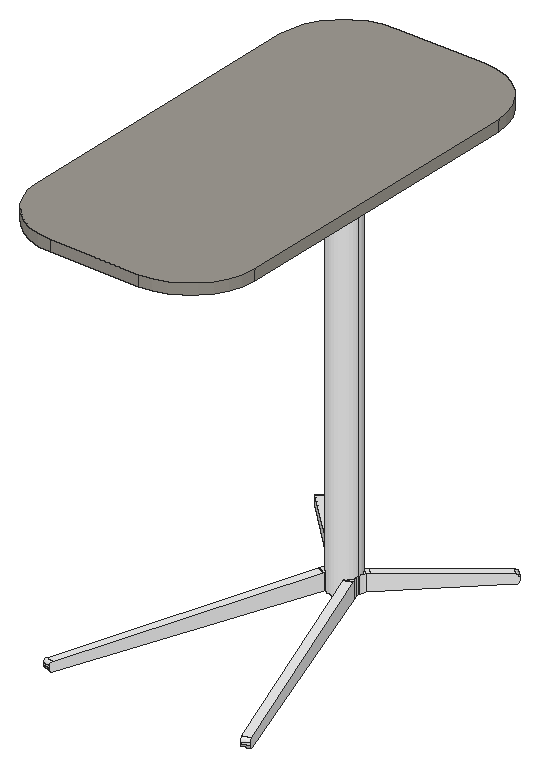
Revit family "Table-Coffee-Teknion-STMTF_Envita-R2014", category Furniture, Revit 2014
Parameters (values of type "19 3/4" High")
  Width = 0' - 10 1/4"  # constant formula
  Warranty = "http://www.teknionstudio.com/pdfs/Teknion%20Studio%20Warranty.pdf"
  Unit Weight = 25.00 lbf  # constant formula
  URL = "http://www.teknionstudio.com/"
  Surface and Edge Trim Finish Note = "Marble and Glass not available if height=26"  # constant formula
  Surface and Edge Trim Finish [instance] = Veneer - Teknion - WQ - White Maple
  Series = "Studio"  # constant formula
  Salvage or Reuse = yes
  Product Page URL = "http://www.teknionstudio.com/envita_tables/#.UkRdPz8QP-o"
  Product Line = "Envita"
  Product Documentation Link = "http://www.teknionstudio.com/pricing/STMTF_ppg.pdf"
  Percentage of Recycled Content = 0
  Part Number = "STMTF"
  Model = "STMTFB"
  Manufacturer Phone = "919-464-2920"
  Manufacturer Fax = "919-464-2927"
  Manufacturer Email = "mailto:customersupport@teknionstudio.com"
  Manufacturer Address = "3940 US 70 Business HWY West, Clayton, NC 27520"
  Manufacturer = "StudioTK"  # constant formula
  Low Emitting Material = yes
  Low Emitting Finish = yes
  Height = 1' - 7 3/4"
  Frame Finish [instance] = Metal - Teknion - C6 - Chrome
  Description = "Envita Offset Task Table, 19 3/4\" (45cm) High"
  Depth = 1' - 7.68"  # constant formula
  Assembly Code = "E2020200"
Types (2): name | Model | Height | Description
  19 3/4" High | "STMTFB" | 1' - 7 3/4" | "Envita Offset Task Table, 19 3/4\" (45cm) High"
  26" High | "STMTFD" | 2' - 2" | "Envita Offset Task Table, 26\" (66cm) High"
Reference planes (in)
  plane 1 "Center F/B": y = 0
  plane 2: z = 0
  plane 3 "Center L/R": x = 0
  plane 4 "Top": z = 19.75
  plane 5: z = 19.25
  plane 6 "Side 1": through (-4.75087, 4.75087, 48) normal (0.7071, 0.7071, 0)
  plane 7 "Side 2": through (4.75087, 4.75087, 48) normal (0.7071, -0.7071, 0)
  plane 8: z = 19.125
  plane 9: through (-4.41447, 4.41447, 48) normal (-0.7071, 0.7071, 0)
  plane 10: through (4.41447, 4.41447, 48) normal (-0.7071, -0.7071, 0)
  plane 11: z = 18.62515
  plane 12: through (-7.6771, 7.14677, 48) normal (0.7071, 0.7071, 0)
  plane 13: through (1.63518, 1.10485, 48) normal (-0.7071, 0.7071, 0)
  plane 14: z = 0.74314
  plane 15: through (-0.78502, 0.25885, 48) normal (-0.7071, 0.7071, 0)
  plane 16: through (0.25885, -0.78502, 48) normal (-0.7071, 0.7071, 0)
  plane 17: through (0.78502, 0.25885, 48) normal (-0.7071, -0.7071, 0)
  plane 18: through (-0.25885, -0.78502, 48) normal (-0.7071, -0.7071, 0)
  plane 19: through (-4.35827, -11.33666, 48) normal (-0.342, -0.9397, 0)
  plane 20: through (-0.44869, -0.59518, 48) normal (-0.342, -0.9397, 0)
  plane 21: through (4.35827, -11.33666, 48) normal (-0.342, 0.9397, 0)
  plane 22: through (0.44869, -0.59518, 48) normal (-0.342, 0.9397, 0)
  plane 23: through (-2.39793, -6.27907, 48) normal (-0.3827, -0.9239, 0)
  plane 24: through (2.39793, -6.27907, 48) normal (-0.3827, 0.9239, 0)
  plane 25 "S4": through (0, 0, 48) normal (0.9239, -0.3827, 0)
  plane 26 "S3": through (0, 0, 48) normal (0.9239, 0.3827, 0)
  plane 27: through (-0.44869, -0.59518, 48) normal (0.9397, -0.342, 0)
  plane 28: through (0.44869, -0.59518, 48) normal (0.9397, 0.342, 0)
  plane 29: y = 4.71712
  plane 30: through (0, 0, 48) normal (-0.3827, -0.9239, 0)
  plane 31: through (0, 0, 48) normal (-0.3827, 0.9239, 0)
  plane 32: y = 0.72618
  plane 33: through (-5.28853, -12.79612, 48) normal (-0.9397, 0.342, 0)
  plane 34: through (4.18904, -9.77529, 48) normal (0.9397, 0.342, 0)
  plane 35: x = -0.1875
  plane 36: x = 0.1875
  plane 37: z = 18.86668
  plane 38: through (0.10467, -0.74266, 48) normal (-0.3827, 0.9239, 0)
  plane 39: through (-0.10467, -0.74266, 48) normal (-0.3827, -0.9239, 0)
  plane 40: through (1.85847, -4.97669, 48) normal (0.9239, 0.3827, 0)
  plane 41: through (2.28497, -5.02645, 48) normal (0.9239, 0.3827, 0)
  plane 42: through (-2.25174, -4.94622, 48) normal (0.9239, -0.3827, 0)
  plane 43: through (-1.90528, -5.08972, 48) normal (0.9239, -0.3827, 0)
  plane 44: y = 5.465
  plane 45: y = -14.215
  plane 46: x = -5.125
  plane 47: x = 5.125
  plane 48: y = 5
  plane 49: y = -7
  plane 50: x = -3.25
  plane 51: x = 3.25
  plane 52: y = -8.25
  plane 53: y = -0.5
  plane 54: x = -3.875
  plane 55: x = 3.875
  plane 56: x = -2.5
  plane 57: y = 4.5
  plane 58: x = 2.5
  plane 59: y = -6.5
Forms (in)
  Extrusion 1, solid, material "Metal - Teknion - C6 - Chrome" <- "Frame Finish"
    sketch origin (0, 0, 0) x (1, 0, 0) y (0, 1, 0)
      loop
        circle (0, 0) r 0.6875
    from 0 to 19.125
  Extrusion 2, solid, material "Metal - Teknion - C6 - Chrome" <- "Frame Finish"
    sketch origin (-1.92144, -1.27122, 18.62515) x (-0.707107, 0.707107, 0) y (-0.707107, -0.707107, 0)
      loop
        circle (-0.45978, -2.25755) r 0.75
    from 0 to 0.49985
  Extrusion 3, solid, material "Metal - Teknion - C6 - Chrome" <- "Frame Finish"
    sketch origin (-7.6771, 7.14677, 48) x (-0.707107, 0.707107, 0) y (0, 0, 1)
      loop
        line (-9.74393, -48) -> (-4.37523, -48)
        arc (-4.37523, -48) -> (-4.28178, -47.95663) -> (-4.23906, -47.86288) r 0.14845
        line (-4.23906, -47.86288) -> (-4.23906, -47.75925)
        arc (-4.23906, -47.75925) -> (-4.28186, -47.65036) -> (-4.38735, -47.59974) r 0.15993
        line (-4.38735, -47.59974) -> (-9.55583, -47.25686) -> (-9.74393, -47.25686) -> (-9.74393, -48)
    from 0 to 0.375
  Extrusion 4, solid, material "Metal - Teknion - C6 - Chrome" <- "Frame Finish"
    sketch origin (4.75087, 4.75087, 48) x (0.707107, 0.707107, 0) y (0, 0, -1)
      loop
        line (-5.98062, 48) -> (-5.98062, 47.25686) -> (-5.79251, 47.25686) -> (-0.62404, 47.59974)
        arc (-0.62404, 47.59974) -> (-0.51855, 47.65036) -> (-0.47575, 47.75925) r 0.15993
        line (-0.47575, 47.75925) -> (-0.47575, 47.86288)
        arc (-0.47575, 47.86288) -> (-0.51847, 47.95663) -> (-0.61192, 48) r 0.14845
        line (-0.61192, 48) -> (-5.98062, 48)
    from 0 to -0.375
  Extrusion 5, solid, material "Metal - Teknion - C6 - Chrome" <- "Frame Finish"
    sketch origin (-0.44869, -0.59518, 48) x (0.34202, 0.939693, 0) y (0, 0, 1)
      loop
        line (0, -48) -> (0, -47.25686) -> (-11.28255, -47.59974)
        arc (-11.28255, -47.59974) -> (-11.38751, -47.64427) -> (-11.43084, -47.74973) r 0.15
        line (-11.43084, -47.74973) -> (-11.43084, -47.86288)
        arc (-11.43084, -47.86288) -> (-11.38778, -47.95629) -> (-11.29468, -48) r 0.15
        line (-11.29468, -48) -> (0, -48)
    from 0 to -0.375
  Extrusion 6, solid, material "Metal - Teknion - C6 - Chrome" <- "Frame Finish"
    sketch origin (0.44869, -0.59518, 48) x (-0.34202, 0.939693, 0) y (0, 0, -1)
      loop
        line (0, 48) -> (-11.29468, 48)
        arc (-11.29468, 48) -> (-11.38778, 47.95629) -> (-11.43084, 47.86288) r 0.15
        line (-11.43084, 47.86288) -> (-11.43084, 47.74973)
        arc (-11.43084, 47.74973) -> (-11.38751, 47.64427) -> (-11.28255, 47.59974) r 0.15
        line (-11.28255, 47.59974) -> (0, 47.25181) -> (0, 48)
    from 0 to -0.375
  Extrusion 7, solid, material "Metal - Teknion - C6 - Chrome" <- "Frame Finish"
    sketch origin (0, 0, 0) x (1, 0, 0) y (0, 1, 0)
      loop
        line (-0.44869, -0.59518) -> (-0.36486, -0.36486)
        arc (-0.36486, -0.36486) -> (-0.32947, 0.09872) -> (-0.52194, 0.52194) r 0.93411
        line (-0.52194, 0.52194) -> (-0.7871, 0.25677)
        arc (-0.7871, 0.25677) -> (-0.69045, 0.02314) -> (-0.71432, -0.22857) r 0.52452
        line (-0.71432, -0.22857) -> (-0.80107, -0.46693) -> (-0.44869, -0.59518)
      loop
        line (0.7871, 0.25677) -> (0.52194, 0.52194)
        arc (0.52194, 0.52194) -> (0.32797, 0.09898) -> (0.36486, -0.36486) r 0.92353
        line (0.36486, -0.36486) -> (0.44869, -0.59518) -> (0.80107, -0.46693) -> (0.70237, -0.19575)
        arc (0.70237, -0.19575) -> (0.69523, 0.03978) -> (0.7871, 0.25677) r 0.55121
    from 0 to 0.74314
  Extrusion 8, solid, material "Metal - Teknion - C6 - Chrome" <- "Frame Finish"
    sketch origin (0.1875, 3.54879, 48) x (0, -1, 0) y (0, 0, 1)
      loop
        line (-1.16832, -28.875) -> (-1.16832, -28.98408)
        arc (-1.16832, -28.98408) -> (-1.12765, -29.08679) -> (-1.02768, -29.13379) r 0.15
        line (-1.02768, -29.13379) -> (2.82261, -29.37802) -> (2.82261, -28.875) -> (-1.16832, -28.875)
    from 0 to 0.375
  Extrusion 9, solid, material "Metal - Teknion - C6 - Chrome" <- "Frame Finish"
    sketch origin (1.85847, -4.97669, 48) x (-0.382683, 0.92388, 0) y (0, 0, 1)
      loop
        line (-1.40968, -28.875) -> (-1.40968, -28.98924)
        arc (-1.40968, -28.98924) -> (-1.36786, -29.09315) -> (-1.26572, -29.13912) r 0.15
        line (-1.26572, -29.13912) -> (4.58288, -29.37485) -> (4.58288, -28.875) -> (-1.40968, -28.875)
    from 0 to 0.375
  Extrusion 10, solid, material "Metal - Teknion - C6 - Chrome" <- "Frame Finish"
    sketch origin (-2.25174, -4.94622, 48) x (0.382683, 0.92388, 0) y (0, 0, 1)
      loop
        line (-1.28734, -28.875) -> (-1.28734, -28.98924)
        arc (-1.28734, -28.98924) -> (-1.24552, -29.09315) -> (-1.14338, -29.13912) r 0.15
        line (-1.14338, -29.13912) -> (4.70523, -29.37485) -> (4.70523, -28.875) -> (-1.28734, -28.875)
    from 0 to 0.375
  Extrusion 11, solid, material "Veneer - Teknion - WQ - White Maple" <- "Surface and Edge Trim Finish"
    sketch origin (-15, -180, 19.25) x (-1, 0, 0) y (0, -1, 0)
      loop
        arc (-12.98261, -185.45263) -> (-10.93016, -184.60578) -> (-10.02208, -182.57969) r 3
        arc (-10.02208, -182.57969) -> (-9.875, -175.625) -> (-10.02208, -168.67031) r 164.5
        arc (-10.02208, -168.67031) -> (-10.93016, -166.64422) -> (-12.98261, -165.79737) r 3
        arc (-12.98261, -165.79737) -> (-15, -165.785) -> (-17.01739, -165.79737) r 164.5
        arc (-17.01739, -165.79737) -> (-19.06984, -166.64422) -> (-19.97792, -168.67031) r 3
        arc (-19.97792, -168.67031) -> (-20.125, -175.625) -> (-19.97792, -182.57969) r 164.5
        arc (-19.97792, -182.57969) -> (-19.06984, -184.60578) -> (-17.01739, -185.45263) r 3
        arc (-17.01739, -185.45263) -> (-15, -185.465) -> (-12.98261, -185.45263) r 164.5
    from 0 to 0.5
  Extrusion 12, solid, material "Metal - Teknion - C6 - Chrome" <- "Frame Finish"
    sketch origin (-15, -180, 19.125) x (-1, 0, 0) y (0, -1, 0)
      loop
        line (-11.75, -184) -> (-11.75, -172.75)
        arc (-11.75, -172.75) -> (-12.04289, -172.04289) -> (-12.75, -171.75) r 1
        line (-12.75, -171.75) -> (-17.25, -171.75)
        arc (-17.25, -171.75) -> (-17.95711, -172.04289) -> (-18.25, -172.75) r 1
        line (-18.25, -172.75) -> (-18.25, -184)
        arc (-18.25, -184) -> (-17.95711, -184.70711) -> (-17.25, -185) r 1
        line (-17.25, -185) -> (-12.75, -185)
        arc (-12.75, -185) -> (-12.04289, -184.70711) -> (-11.75, -184) r 1
    from 0 to 0.125
Cuts and joins
  joined: Extrusion 1, Extrusion 2
Lines and regions (in)
  Masking region 1
    outline origin (0, 0, 19.75) x (-1, 0, 0) y (0, -1, 0)
      loop
        arc (4.97792, 11.32969) -> (4.06984, 13.35578) -> (2.01739, 14.20263) r 3
        arc (2.01739, 14.20263) -> (0, 14.215) -> (-2.01739, 14.20263) r 164.5
        arc (-2.01739, 14.20263) -> (-4.06984, 13.35578) -> (-4.97792, 11.32969) r 3
        arc (-4.97792, 11.32969) -> (-5.125, 4.375) -> (-4.97792, -2.57969) r 164.5
        arc (-4.97792, -2.57969) -> (-4.85139, -3.32381) -> (-4.54313, -4.0128) r 3
        line (-4.54313, -4.0128) -> (-4.67963, -4.1493) -> (-4.41447, -4.41447) -> (-4.32487, -4.32487)
        arc (-4.32487, -4.32487) -> (-3.29792, -5.14816) -> (-2.01739, -5.45263) r 3
        arc (-2.01739, -5.45263) -> (0, -5.465) -> (2.01739, -5.45263) r 164.5
        arc (2.01739, -5.45263) -> (3.29792, -5.14816) -> (4.32487, -4.32487) r 3
        line (4.32487, -4.32487) -> (4.41447, -4.41447) -> (4.67963, -4.1493) -> (4.54313, -4.0128)
        arc (4.54313, -4.0128) -> (4.85139, -3.32381) -> (4.97792, -2.57969) r 3
        arc (4.97792, -2.57969) -> (5.125, 4.375) -> (4.97792, 11.32969) r 164.5
  symbolic lines, style "Hidden Lines", detail levels medium+fine
    curve 1: circle (0, 0, 19.75) r 0.57 normal (0, 0, 1)
    curve 2: circle (0, 0, 19.75) r 0.6875 normal (0, 0, 1)
    curve 5: line (-4.54313, 4.0128, 19.75) -> (-0.7871, 0.25677, 19.75)
    curve 6: line (-4.32487, 4.32487, 19.75) -> (-0.52194, 0.52194, 19.75)
    curve 7: line (4.30961, 4.30961, 19.75) -> (0.52194, 0.52194, 19.75)
    curve 8: line (0.7871, 0.25677, 19.75) -> (4.54313, 4.0128, 19.75)
    curve 9: line (0.79705, -0.45587, 19.75) -> (4.71065, -11.20841, 19.75)
    curve 10: line (0.44295, -0.57941, 19.75) -> (4.35827, -11.33666, 19.75)
    curve 11: line (4.35827, -11.33666, 19.75) -> (4.71065, -11.20841, 19.75)
    curve 12: line (-4.35827, -11.33666, 19.75) -> (-4.71065, -11.20841, 19.75)
    curve 13: line (-4.71065, -11.20841, 19.75) -> (-0.79705, -0.45587, 19.75)
    curve 14: line (-0.44869, -0.59518, 19.75) -> (-4.35827, -11.33666, 19.75)
  symbolic lines, style "Hidden Lines", detail levels fine
    curve 3: line (-3.25, 4, 19.75) -> (-3.25, -6, 19.75)
    curve 4: line (2.25, -7, 19.75) -> (-2.25, -7, 19.75)
    curve 15: line (2.25, 5, 19.75) -> (-2.25, 5, 19.75)
    curve 16: line (3.25, 4, 19.75) -> (3.25, -6, 19.75)
    curve 17: arc (-3.25, 4, 19.75) -> (-2.95711, 4.70711, 19.75) -> (-2.25, 5, 19.75) r 1
    curve 18: arc (2.25, 5, 19.75) -> (2.95711, 4.70711, 19.75) -> (3.25, 4, 19.75) r 1
    curve 19: arc (2.25, -7, 19.75) -> (2.95711, -6.70711, 19.75) -> (3.25, -6, 19.75) r 1
    curve 20: arc (-2.25, -7, 19.75) -> (-2.95711, -6.70711, 19.75) -> (-3.25, -6, 19.75) r 1
Dimensions and locks (in)
  "Height": plane 4 "Top" to level
  locked: plane 4 "Top" to plane 5 at 0.5
  locked: plane 10 to plane 6 "Side 1" at 6.243
  locked: plane 7 "Side 2" to plane 13 at 0.375
  locked: plane 6 "Side 1" to plane 12 at 0.375
  locked: plane 14 to plane 2 at 0.74314
  locked: plane 7 "Side 2" to plane 9 at 6.243
  equal spacing: plane 15, plane 7 "Side 2", plane 16
  locked: plane 15 to plane 16 at 1.47626
  equal spacing: plane 17, plane 6 "Side 1", plane 18
  locked: plane 17 to plane 18 at 1.47626
  locked: plane 19 to plane 20 at 11.43084
  locked: plane 21 to plane 22 at 11.43084
  locked: plane 1 "Center F/B" to plane 29 at 4.71712
  locked: plane 32 to plane 1 "Center F/B" at 0.72618
  locked: plane 27 to plane 33 at 0.375
  locked: plane 28 to plane 34 at 0.375
  equal spacing: plane 35, plane 3 "Center L/R", plane 36
  locked: plane 35 to plane 36 at 0.375
  locked: plane 8 to plane 37 at 0.25832
  locked: plane 38 to plane 31 at 0.72618
  locked: plane 38 to plane 24 at 5.99257
  locked: plane 23 to plane 39 at 5.99257
  locked: plane 30 to plane 39 at 0.72618
  equal spacing: plane 41, plane 26 "S3", plane 40
  locked: plane 41 to plane 40 at 0.375
  equal spacing: plane 43, plane 25 "S4", plane 42
  locked: plane 43 to plane 42 at 0.375
  equal spacing: plane 46, plane 3 "Center L/R", plane 47
  "Width": plane 46 to plane 47
  locked: plane 1 "Center F/B" to plane 44 at 5.465
  "Depth": plane 45 to plane 44
  locked: plane 46 to plane 50 at 1.875
  locked: plane 51 to plane 47 at 1.875
  locked: plane 48 to plane 44 at 0.465
  locked: plane 45 to plane 49 at 7.215
  locked: Extrusion 11 sketch curve to plane 44 at 3.01215  (x2)
  locked: plane 46 to Extrusion 11 sketch curve at 3.1444  (x2)
  locked: Extrusion 11 sketch curve to plane 47 at 3.1444  (x2)
  locked: plane 45 to Extrusion 11 sketch curve at 3.01215  (x2)
  locked: plane 46 to plane 54 at 1.25
  locked: plane 55 to plane 47 at 1.25
  locked: plane 44 to plane 53 at 5.965
  locked: plane 52 to plane 45 at 5.965
  locked: plane 59 to plane 49 at 0.5
  locked: plane 48 to plane 57 at 0.5
  locked: plane 50 to plane 56 at 0.75
  locked: plane 58 to plane 51 at 0.75
  locked: plane 5 to plane 8 at 0.125
  locked: plane 37 to plane 11 at 0.24153
  locked: Extrusion 3 sketch curve to plane 14 at 0.35195
  locked: plane 14 to Extrusion 4 sketch curve at 0.35195
  locked: Extrusion 8 sketch curve to plane 8 at 0.54798
  locked: Extrusion 5 sketch curve to plane 19 at 0.34723
  locked: Extrusion 9 sketch curve to Extrusion 9 sketch curve at 0.25811
  locked: plane 21 to Extrusion 6 sketch curve at 0.3473
  radius of Extrusion 3 sketch curve = 0' - 0.15993"
  radius of Extrusion 3 sketch curve = 0' - 0 19/128"
  radius of Extrusion 4 sketch curve = 0' - 0.15993"
  radius of Extrusion 4 sketch curve = 0' - 0 19/128"
  radius of Extrusion 5 sketch curve = 0' - 0.15"  (x2)
  radius of Extrusion 6 sketch curve = 0' - 0.15"  (x2)
  radius of Extrusion 7 sketch curve = 0' - 0.92353"
  radius of Extrusion 7 sketch curve = 0' - 0.93411"
  radius of Extrusion 7 sketch curve = 0' - 0.52452"
  radius of Extrusion 7 sketch curve = 0' - 0.55121"
  radius of Extrusion 9 sketch curve = 0' - 0.15"
  radius of Extrusion 10 sketch curve = 0' - 0.15"
  locked: plane 3 "Center L/R" to plane 6 "Side 1" (angle 45.00°)
  locked: plane 7 "Side 2" to plane 3 "Center L/R" (angle 45.00°)
  locked: plane 25 "S4" to plane 3 "Center L/R" (angle 22.50°)
  locked: plane 3 "Center L/R" to plane 26 "S3" (angle 22.50°)
  locked: plane 27 to plane 3 "Center L/R" (angle 20.00°)
  locked: plane 3 "Center L/R" to plane 28 (angle 20.00°)
  aligned and locked: level to plane 2
  aligned and locked: plane 8 to Extrusion 1
  aligned and locked: plane 8 to Extrusion 2
  aligned and locked: plane 15 to Extrusion 3 sketch curve
  aligned and locked: Extrusion 3 sketch curve to plane 9
  aligned and locked: plane 14 to Extrusion 3 sketch curve
  aligned and locked: level to Extrusion 3 sketch curve
  aligned and locked: plane 6 "Side 1" to Extrusion 3
  aligned and locked: Extrusion 4 to plane 13
  aligned and locked: Extrusion 5 sketch curve to plane 19
  aligned and locked: Extrusion 5 sketch curve to plane 20
  aligned and locked: Extrusion 5 sketch curve to plane 2
  aligned and locked: plane 33 to Extrusion 5
  aligned and locked: plane 34 to Extrusion 6
  aligned and locked: Extrusion 7 sketch curve to plane 20
  aligned and locked: Extrusion 7 sketch curve to plane 15
  aligned and locked: plane 17 to Extrusion 7 sketch curve
  aligned and locked: plane 22 to Extrusion 7 sketch curve
  aligned and locked: Extrusion 7 sketch curve to plane 33
  aligned and locked: Extrusion 7 sketch curve to plane 27
  aligned and locked: plane 28 to Extrusion 7 sketch curve
  aligned and locked: Extrusion 7 sketch curve to plane 34
  aligned and locked: plane 14 to Extrusion 7
  aligned and locked: plane 8 to Extrusion 8 sketch curve
  aligned and locked: Extrusion 8 sketch curve to plane 29
  aligned and locked: plane 32 to Extrusion 8 sketch curve
  aligned and locked: Extrusion 9 sketch curve to plane 24
  aligned and locked: plane 8 to Extrusion 9 sketch curve
  aligned and locked: Extrusion 9 sketch curve to plane 38
  aligned and locked: Extrusion 10 sketch curve to plane 39
  aligned and locked: plane 8 to Extrusion 10 sketch curve
  aligned and locked: Extrusion 10 sketch curve to plane 23
  aligned and locked: curve 4 to plane 49
  aligned and locked: curve 5 to plane 12
  aligned and locked: curve 6 to plane 6 "Side 1"
  aligned and locked: curve 8 to plane 13
  aligned and locked: curve 9 to plane 34
  aligned and locked: plane 28 to curve 10
  aligned and locked: plane 21 to curve 11
  aligned and locked: curve 12 to plane 19
  aligned and locked: curve 13 to plane 33
  aligned and locked: curve 14 to plane 27
  aligned and locked: curve 15 to plane 48
  aligned and locked: curve 16 to plane 51
  aligned and locked: plane 38 to curve 9
  aligned and locked: plane 15 to curve 6
  aligned and locked: plane 15 to curve 5
  aligned and locked: plane 17 to curve 7
  aligned and locked: plane 17 to curve 8
  aligned and locked: Masking region 1 sketch curve to Extrusion 11  (x8)
  aligned and locked: Masking region 1 sketch curve to plane 12
  aligned and locked: plane 9 to Masking region 1 sketch curve
  aligned and locked: Masking region 1 sketch curve to plane 6 "Side 1"
  aligned and locked: plane 7 "Side 2" to Masking region 1 sketch curve
  aligned and locked: Masking region 1 sketch curve to plane 13
  aligned and locked: Masking region 1 sketch curve to plane 10
  aligned and locked: plane 4 "Top" to Extrusion 11
  aligned and locked: Extrusion 12 sketch curve to plane 50
  aligned and locked: Extrusion 12 sketch curve to plane 51
  aligned and locked: Extrusion 12 sketch curve to plane 52
  aligned and locked: Extrusion 12 sketch curve to plane 48
  aligned and locked: plane 5 to Extrusion 12
  aligned and locked: cut or joined group of Extrusion 1, Extrusion 2 to plane 2
  aligned and locked: Extrusion 12 to plane 8
  aligned and locked: Extrusion 4 sketch curve to plane 10
  aligned and locked: Extrusion 4 sketch curve to plane 17
  aligned and locked: plane 2 to Extrusion 4 sketch curve
  aligned and locked: Extrusion 6 to plane 28
  aligned and locked: plane 7 "Side 2" to Extrusion 4
  aligned and locked: plane 43 to Extrusion 10
  aligned and locked: Extrusion 10 to plane 42
  aligned and locked: plane 41 to Extrusion 9
  aligned and locked: Extrusion 9 to plane 40
  aligned and locked: plane 27 to Extrusion 5
  aligned and locked: plane 35 to Extrusion 8
  aligned and locked: Extrusion 8 to plane 36
  aligned and locked: plane 3 "Center L/R" to Extrusion 1 sketch curve
  aligned and locked: plane 1 "Center F/B" to Extrusion 1 sketch curve
  aligned and locked: plane 6 "Side 1" to Extrusion 2 sketch curve
  aligned and locked: plane 7 "Side 2" to Extrusion 2 sketch curve
  aligned and locked: cut or joined group of Extrusion 1, Extrusion 2 to plane 11
  aligned and locked: plane 2 to Extrusion 6 sketch curve
  aligned and locked: Extrusion 6 sketch curve to plane 22
  aligned and locked: plane 21 to Extrusion 6 sketch curve
  aligned and locked: Extrusion 7 to plane 2
Automatic sketch dimensions
  plane 9 to Extrusion 3 sketch curve = 0' - 0.14829"
  Extrusion 3 sketch curve to Extrusion 3 sketch curve = 0' - 0.01188"
  plane 9 to Extrusion 3 sketch curve = 0' - 0.13617"
  Extrusion 3 sketch curve to Extrusion 3 sketch curve = 0' - 0.10363"
  plane 14 to Extrusion 4 sketch curve = 0' - 0"
  Extrusion 4 sketch curve to plane 10 = 0' - 0.14829"
  Extrusion 4 sketch curve to Extrusion 4 sketch curve = 0' - 0.01188"
  Extrusion 4 sketch curve to plane 10 = 0' - 0.13617"
  Extrusion 4 sketch curve to Extrusion 4 sketch curve = 0' - 0.10363"
  Extrusion 5 sketch curve to plane 14 = 0' - 0"
  Extrusion 5 sketch curve to plane 19 = 0' - 0.13617"
  Extrusion 5 sketch curve to Extrusion 5 sketch curve = 0' - 0.0005"
  Extrusion 5 sketch curve to Extrusion 5 sketch curve = 0' - 0.10086"
  plane 14 to Extrusion 6 sketch curve = 0' - 0.00505"
  Extrusion 6 sketch curve to plane 21 = 0' - 0.13617"
  Extrusion 6 sketch curve to plane 21 = 0' - 0.14829"
  Extrusion 6 sketch curve to Extrusion 6 sketch curve = 0' - 0.0005"
  Extrusion 7 sketch curve to plane 12 = 0' - 0"
  Extrusion 7 sketch curve to plane 6 "Side 1" = 0' - 0"  (x2)
  Extrusion 7 sketch curve to plane 7 "Side 2" = 0' - 0"
  Extrusion 7 sketch curve to plane 13 = 0' - 0"
  Extrusion 7 sketch curve to Extrusion 7 sketch curve = 0' - 0.0401"
  Extrusion 7 sketch curve to plane 32 = 0' - 0.20425"
  plane 1 "Center F/B" to Extrusion 7 sketch curve = 0' - 0.19575"
  Extrusion 8 sketch curve to plane 37 = 0' - 0.00047"
  Extrusion 8 sketch curve to plane 8 = 0' - 0.10908"
  Extrusion 8 sketch curve to plane 11 = 0' - 0.00318"
  plane 11 to Extrusion 9 sketch curve = 0' - 0"
  Extrusion 9 sketch curve to plane 37 = 0' - 0.0058"
  Extrusion 10 sketch curve to plane 11 = 0' - 0"
  Extrusion 10 sketch curve to plane 37 = 0' - 0.0058"
  Extrusion 10 sketch curve to plane 23 = 0' - 0.14396"
  plane 18 to curve 14 = 0' - 0"
  curve 13 to plane 39 = 0' - 0"
  curve 3 to plane 50 = 0' - 0"
  plane 47 to curve 8 = 0' - 0.58187"
  plane 29 to curve 7 = 0' - 0.40751"
  plane 29 to curve 6 = 0' - 0.39225"
  curve 6 to curve 5 = 0' - 0.21827"
  Extrusion 11 sketch curve to plane 3 "Center L/R" = 0' - 0"  (x2)
  plane 44 to Extrusion 11 sketch curve = 0' - 0.01237"
  plane 3 "Center L/R" to Extrusion 11 sketch curve = 0' - 2.01739"  (x2)
  Extrusion 11 sketch curve to plane 45 = 0' - 0.01237"
  Extrusion 11 sketch curve to Extrusion 11 sketch curve = 0' - 0"  (x6)
  Extrusion 11 sketch curve to Extrusion 11 sketch curve = 0' - 2.99732"
  plane 47 to Extrusion 11 sketch curve = 0' - 0.14708"
  plane 59 to Extrusion 11 sketch curve = 0' - 2 1/8"
  Extrusion 11 sketch curve to plane 47 = 12' - 10 1/4"
  plane 58 to Extrusion 12 sketch curve = 0' - 0 1/4"  (x2)
  plane 56 to Extrusion 12 sketch curve = 0' - 0 1/4"  (x2)
  plane 56 to curve 17 = 0' - 0 1/4"
  plane 58 to curve 18 = 0' - 0 1/4"
  plane 58 to curve 19 = 0' - 0 1/4"
  curve 10 to plane 41 = 0' - 0"
  plane 56 to curve 20 = 0' - 0 1/4"
  Masking region 1 sketch curve to Masking region 1 sketch curve = 0' - 0"  (x4)
  Masking region 1 sketch curve to Masking region 1 sketch curve = 0' - 0.0896"
  Masking region 1 sketch curve to plane 57 = 0' - 0.4872"
  curve 1 to curve 2 = 0' - 0"  (x2)
  plane 1 "Center F/B" to curve 1 = 0' - 0"
  curve 1 to plane 3 "Center L/R" = 0' - 0"
  curve 7 to plane 7 "Side 2" = 0' - 0"  (x2)
  radius of Extrusion 1 sketch curve = 0' - 0 11/16"
  radius of Extrusion 2 sketch curve = 0' - 0 3/4"
  radius of curve 1 = 0' - 0.57"
  radius of curve 2 = 0' - 0 11/16"
